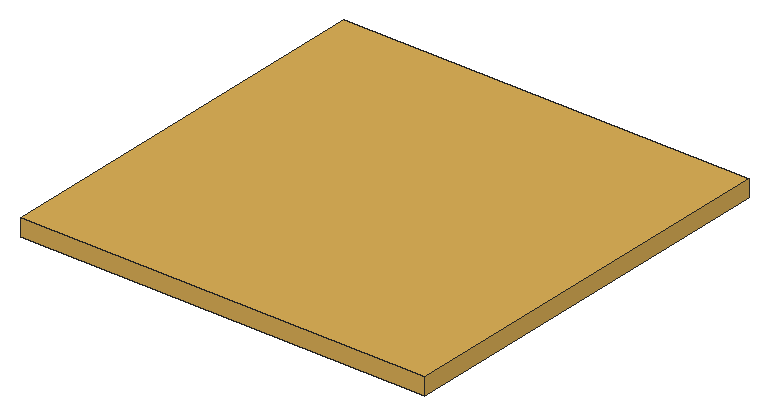
Revit family "Cambio Wall Systems - Acoustic - Felt Board 18x18", category Generic Models, host Face, Revit 2023
Family settings
  Host = Face
  Can host rebar = No
  Round Connector Dimension = Use Diameter
  Part Type = Normal
  Cut with Voids When Loaded = No
  Maintain Annotation Orientation = No
  Shared = No
  Room Calculation Point = No
Parameters (values of type "Felt Board Color - YELLOW")
  Default Elevation = 4' - 0"
  Cambio Material = Cambio Felt Board - Yellow
Types (35): name | Cambio Material
  Felt Board Color - BERRY | Cambio Felt Board - Berry
  Felt Board Color - BLACK | Cambio Felt Board - Black
  Felt Board Color - BLUE JEAN | Cambio Felt Board - Blue Jean
  Felt Board Color - BROWN | Cambio Felt Board - Brown
  Felt Board Color - CHARCOAL | Cambio Felt Board - Charcoal
  Felt Board Color - EARTH BROWN | Cambio Felt Board - Earth Brown
  Felt Board Color - GREEN | Cambio Felt Board - Green
  Felt Board Color - GREY | Cambio Felt Board - Grey
  Felt Board Color - HEATHER GREEN | Cambio Felt Board - Heather Green
  Felt Board Color - HICKORY | Cambio Felt Board - Hickory
  Felt Board Color - HONEY DEW | Cambio Felt Board - Honey Dew
  Felt Board Color - LEMON | Cambio Felt Board - Lemon
  Felt Board Color - LILAC | Cambio Felt Board - Lilac
  Felt Board Color - LIME | Cambio Felt Board - Lime
  Felt Board Color - MARBLE | Cambio Felt Board - Marble
  Felt Board Color - MAROON | Cambio Felt Board - Maroon
  Felt Board Color - MIDNIGHT BLUE | Cambio Felt Board - Midnight Blue
  Felt Board Color - NAVY | Cambio Felt Board - Navy
  Felt Board Color - OAT | Cambio Felt Board - Oat
  Felt Board Color - ORANGE | Cambio Felt Board - Orange
  Felt Board Color - PEAR | Cambio Felt Board - Pear
  Felt Board Color - PEPPER | Cambio Felt Board - Pepper
  Felt Board Color - PERIWINKLE | Cambio Felt Board - Periwinkle
  Felt Board Color - PINK | Cambio Felt Board - Pink
  Felt Board Color - PUMPKIN | Cambio Felt Board - Pumpkin
  Felt Board Color - PURPLE | Cambio Felt Board - Purple
  Felt Board Color - RED | Cambio Felt Board - Red
  Felt Board Color - SALMON | Cambio Felt Board - Salmon
  Felt Board Color - SAND DOLLAR | Cambio Felt Board - Sand Dollar
  Felt Board Color - SKY BLUE | Cambio Felt Board - Sky Blue
  Felt Board Color - STONE | Cambio Felt Board - Stone
  Felt Board Color - TEAL | Cambio Felt Board - Teal
  Felt Board Color - VIOLET | Cambio Felt Board - Violet
  Felt Board Color - WHITE | Cambio Felt Board - White
  Felt Board Color - YELLOW | Cambio Felt Board - Yellow
Reference planes (in)
  plane 1 "Center (Front/Back)": y = 0
  plane 2: z = 0
  plane 3 "Center (Left/Right)": x = 0
Forms (in)
  Extrusion 1, solid, material "Cambio Felt Board - Yellow" <- "Cambio Material"
    sketch origin (0, 0, 0) x (1, 0, 0) y (0, 1, 0)
      loop
        line (-9, 9) -> (-9, -9) -> (9, -9) -> (9, 9) -> (-9, 9)
    from 0 to 0.75
Dimensions and locks (in)
  Extrusion 1 sketch curve to plane 3 "Center (Left/Right)" to Extrusion 1 sketch curve = 0' - 9" locked, 0' - 9" locked
  Extrusion 1 sketch curve to plane 1 "Center (Front/Back)" to Extrusion 1 sketch curve = 0' - 9" locked, 0' - 9" locked
  aligned and locked: plane 2 to host face
  aligned and locked: level to host face
